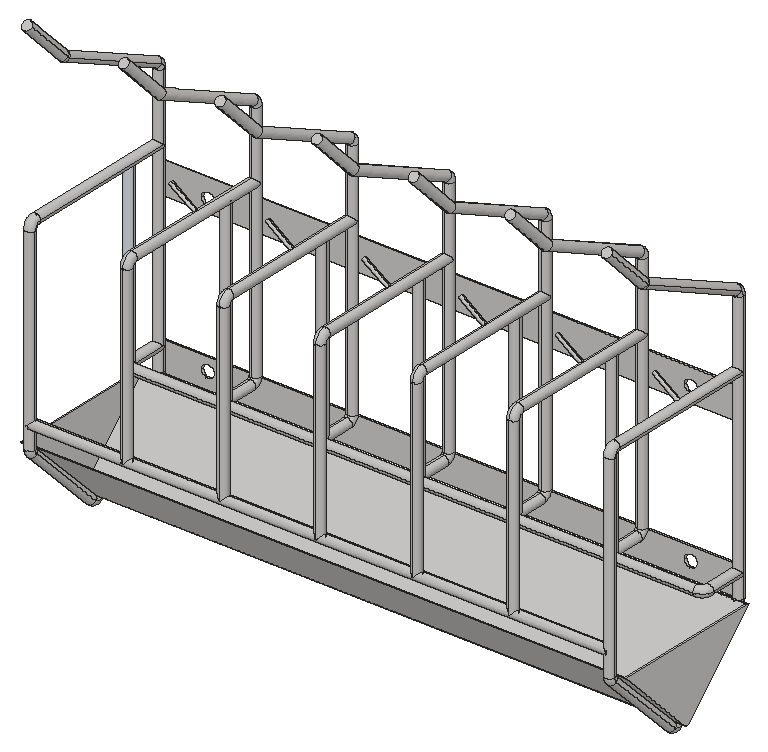
Revit family
Parameters (values of type "915 X 560 X 260")
  URL = "http://www.autospec.co.za/browse.php?id=1644179282"
  Radius Of Rod = 7.5 mm
  Product Code = "None"
  OmniClass Title = ""
  OmniClass Number = ""
  Modspec Classification = ""
  Specification = ""
  Location (revit room) = ""
  Number Of Pans = if(Count = 1, 2, if(Count = 3, 4, if(Count = 5, 6, 0)))  # 6
  Number Of Bottles = if(Count = 1, 3, if(Count = 3, 5, if(Count = 5, 7, 0)))  # 7
  Model = "Bedpan And Bottle Racks BBR6"
  Material = Stainless Steel Grade 304
  Manufacturer = "Kwikot"  # constant formula
  Length 1 = 900 mm
  Length = Length 1 + Radius Of Rod * 2  # 915 mm
  Height = 560 mm
  Rack_2V = Count > 1  # yes
  Rack_1V = Count = 1  # no
  Distance Between Racks = 150 mm
  Description = ""
  Depth = 260 mm
  Count = (Length - Distance Between Racks) / Distance Between Racks  # 5
  Colour = none
  Body Finish = none
  Assembly Code = "E1090300"
  Array Count = if(Count > 1, Count, 2)  # 5
Reference planes
  plane 1 "Center (Front/Back)": y = 0
  plane 2 "Bottom": z = 0
  plane 3 "Center (Left/Right)": x = 0
  plane 4: x = 157.5
  plane 5: z = 450
  plane 6 "Top": z = 720
  plane 7 "Front": y = -260
  plane 8: y = -130
  plane 9 "Right": x = 907.5
  plane 10: x = 7.5
  plane 11: x = 80
  plane 12: x = 830
  plane 13: y = -130
  plane 14: y = -63
  plane 15: z = 560
Forms (mm)
  Sweep 1, solid, material "Stainless Steel Grade 304" <- "Material"
    path origin (7.5, -1524, 1369.365) x (0, 0, 1) y (0, -1, 0)
      loop
        line (-649.365, -1264) -> (-720.441, -1332.449)
        arc (-720.441, -1332.449) -> (-721.59, -1333.769) -> (-722.492, -1335.268) r 10
        line (-722.492, -1335.268) -> (-809.365, -1513.384)
        arc (-809.365, -1513.384) -> (-813.054, -1517.48) -> (-818.353, -1519) r 10
        line (-818.353, -1519) -> (-1239.365, -1519)
        arc (-1239.365, -1519) -> (-1243.192, -1518.239) -> (-1246.436, -1516.071) r 10
        line (-1246.436, -1516.071) -> (-1361.436, -1401.071)
        arc (-1361.436, -1401.071) -> (-1364.365, -1394) -> (-1361.436, -1386.929) r 10
        line (-1361.436, -1386.929) -> (-1246.436, -1271.929)
        arc (-1246.436, -1271.929) -> (-1243.192, -1269.761) -> (-1239.365, -1269) r 10
        line (-1239.365, -1269) -> (-934.365, -1269)
        arc (-934.365, -1269) -> (-927.294, -1271.929) -> (-924.365, -1279) r 10
        line (-924.365, -1279) -> (-924.365, -1519)
    profile origin (7.5, -5, 340.506) x (1, 0, 0) y (0, 1, 0)
      loop
        circle (0, 0) r 7.5
  Sweep 2, solid, material "Stainless Steel Grade 304" <- "Material"
    path origin (0, 0, 0) x (1, 0, 0) y (0, 1, 0)
      loop
        line (-12.5, -130) -> (927.5, -130)
    profile origin (457.5, -130, 0) x (0, 1, 0) y (0, 0, 1)
      loop
        arc (-3.536, 13.885) -> (0, 12.421) -> (3.536, 13.885) r 5
        line (3.536, 13.885) -> (119.042, 129.392) -> (-119.042, 129.392) -> (-3.536, 13.885)
  Sweep 3, void
    path origin (0, 0, 0) x (1, 0, 0) y (0, 1, 0)
      loop
        line (-10.2, -130) -> (925.2, -130)
    profile origin (457.5, -130, 0) x (0, 1, 0) y (0, 0, 1)
      loop
        line (117.204, 129.392) -> (-117.204, 129.392) -> (-1.414, 13.602)
        arc (-1.414, 13.602) -> (0, 13.016) -> (1.414, 13.602) r 2
        line (1.414, 13.602) -> (117.204, 129.392)
  Extrusion 4, solid, material "Stainless Steel Grade 304" <- "Material"
    sketch origin (0, 0, 0) x (1, 0, 0) y (0, 0, 1)
      loop
        line (7.5, 420) -> (7.5, 370) -> (907.5, 370) -> (907.5, 420) -> (7.5, 420)
      loop
        line (7.5, 170) -> (7.5, 125) -> (907.5, 125) -> (907.5, 170) -> (7.5, 170)
      loop
        circle (80, 150) r 10
      loop
        circle (80, 390) r 10
      loop
        circle (830, 150) r 10
      loop
        circle (830, 393) r 10
    from 0 to -3
  Sweep 5, solid, material "Stainless Steel Grade 304" <- "Material"
    path origin (0, -260, 1012.14) x (0, 0, 1) y (-1, 0, 0)
      loop
        line (-847.14, -7.5) -> (-847.14, -907.5)
    profile origin (457.5, -260, 165) x (0, 0, 1) y (0, -1, 0)
      loop
        circle (0, -5.008) r 7.5
  Sweep 6, solid, material "Stainless Steel Grade 304" <- "Material"
    path origin (907.5, 731.65, 1200) x (0, 1, 0) y (0, 0, 1)
      loop
        line (-991.65, -480) -> (-923.201, -551.076)
        arc (-923.201, -551.076) -> (-921.881, -552.225) -> (-920.381, -553.127) r 10
        line (-920.381, -553.127) -> (-742.266, -640)
        arc (-742.266, -640) -> (-738.169, -643.689) -> (-736.65, -648.988) r 10
        line (-736.65, -648.988) -> (-736.65, -1070)
        arc (-736.65, -1070) -> (-737.411, -1073.827) -> (-739.579, -1077.071) r 10
        line (-739.579, -1077.071) -> (-854.579, -1192.071)
        arc (-854.579, -1192.071) -> (-861.65, -1195) -> (-868.721, -1192.071) r 10
        line (-868.721, -1192.071) -> (-983.721, -1077.071)
        arc (-983.721, -1077.071) -> (-985.888, -1073.827) -> (-986.65, -1070) r 10
        line (-986.65, -1070) -> (-986.65, -765)
        arc (-986.65, -765) -> (-983.721, -757.929) -> (-976.65, -755) r 10
        line (-976.65, -755) -> (-736.65, -755)
    profile origin (907.5, -5, 340.506) x (1, 0, 0) y (0, 1, 0)
      loop
        circle (0, 0) r 7.5
  Sweep 7, solid, material "Stainless Steel Grade 304" <- "Material"
    path origin (0, 0, 0) x (1, 0, 0) y (0, 1, 0)
      loop
        line (7.5, -5) -> (7.5, -63)
        arc (7.5, -63) -> (10.429, -70.071) -> (17.5, -73) r 10
        line (17.5, -73) -> (897.5, -73)
        arc (897.5, -73) -> (904.571, -70.071) -> (907.5, -63) r 10
        line (907.5, -63) -> (907.5, -5)
    profile origin (457.5, -73, 0) x (0, 1, 0) y (0, 0, 1)
      loop
        circle (0, 165) r 7.5
  Extrusion 8, solid
    sketch origin (-191.181, -1524, 450) x (-1, 0, 0) y (0, -1, 0)
      loop
        circle (-198.681, -1461) r 7.5
    from -5 to -285
  Sweep 9, solid, material "Stainless Steel Grade 304" <- "Material"
    path origin (-1.562, 0, -3.047) x (1, 0, 0) y (0, 0, 1)
      loop
        line (907.5, 450) -> (866.542, 478.679)
    profile origin (885.459, 0, 461.293) x (-0.573576, 0, -0.819152) y (0, -1, 0)
      loop
        circle (0, 115.307) r 3
Cuts and joins
  Sweep 3 cuts Sweep 1
  Sweep 3 cuts Sweep 2
  joined: Sweep 6, Sweep 9
Dimensions and locks
  Sweep 1 sketch curve to level = 5 mm
  plane 7 "Front" to Sweep 1 sketch curve = 5 mm
  Sweep 1 sketch curve to plane 1 "Center (Front/Back)" = 5 mm
  plane 1 "Center (Front/Back)" to Sweep 1 sketch curve = 5 mm
  plane 6 "Top" to plane 2 "Bottom" = 720 mm
  "Depth": plane 7 "Front" to plane 1 "Center (Front/Back)"
  "Distance Between Racks": plane 4 to plane 10
  "Length 1": plane 9 "Right" to plane 10
  Extrusion 4 sketch curve to plane 2 "Bottom" = 370 mm
  Extrusion 4 sketch curve to Extrusion 4 sketch curve = 50 mm
  Extrusion 4 sketch curve to plane 2 "Bottom" = 125 mm
  Extrusion 4 sketch curve to plane 2 "Bottom" = 150 mm
  plane 11 to plane 3 "Center (Left/Right)" = 80 mm
  Extrusion 4 sketch curve to Extrusion 4 sketch curve = 240 mm
  plane 12 to plane 9 "Right" = 77.5 mm
  Extrusion 4 sketch curve to Extrusion 4 sketch curve = 45 mm
  Sweep 5 sketch curve to plane 2 "Bottom" = 165 mm
  locked: Sweep 7 sketch curve to plane 2 "Bottom" at 165
  plane 1 "Center (Front/Back)" to plane 14 = 63 mm
  equal spacing: group 1, group 2, group 3, group 4, group 5  (x3)
  plane 15 to plane 5 = 110 mm
  "Height": plane 15 to plane 2 "Bottom"
  Sweep 6 sketch curve to plane 5 = 5 mm
  plane 7 "Front" to Sweep 6 sketch curve = 5 mm
  plane 9 "Right" to Sweep 2 sketch curve = 20 mm
  Sweep 2 sketch curve to plane 10 = 20 mm
  Sweep 3 sketch curve to cut or joined group of Sweep 2, Sweep 3 = 2.3 mm
  cut or joined group of Sweep 2, Sweep 3 to Sweep 3 sketch curve = 2.3 mm
  "Radius Of Rod": radius of Sweep 1 sketch curve
  "Radius Of Rod": radius of Sweep 5 sketch curve
  "Radius Of Rod": radius of Sweep 6 sketch curve
  "Radius Of Rod": radius of Sweep 7 sketch curve
  "Radius Of Rod": radius of Extrusion 8 sketch curve
  angle plane 5 to Sweep 1 sketch curve = 26.00°
  angle Sweep 6 sketch curve to plane 15 = 26.00°
  aligned and locked: plane 2 "Bottom" to level
  aligned and locked: Sweep 2 to Sweep 3 sketch curve
  aligned and locked: profile plane to Sweep 1 sketch curve  (x2)
  aligned and locked: Extrusion 4 sketch curve to plane 9 "Right"  (x2)
  aligned and locked: plane 10 to Extrusion 4 sketch curve  (x2)
  aligned and locked: plane 11 to Extrusion 4 sketch curve  (x2)
  aligned and locked: plane 12 to Extrusion 4 sketch curve  (x2)
  aligned and locked: plane 9 "Right" to Sweep 5 sketch curve
  aligned and locked: plane 10 to Sweep 5 sketch curve
  aligned and locked: profile plane to Sweep 6 sketch curve  (x2)
  aligned and locked: plane 10 to Sweep 7 sketch curve
  aligned and locked: plane 9 "Right" to Sweep 7 sketch curve
  aligned and locked: profile plane to Sweep 7 sketch curve
  aligned and locked: profile plane to Sweep 5 sketch curve
  aligned and locked: plane 10 to Extrusion 8 sketch curve
  aligned and locked: plane 14 to Extrusion 8 sketch curve
  aligned and locked: plane 3 "Center (Left/Right)" to nested 1
  aligned and locked: plane 1 "Center (Front/Back)" to nested 1
  aligned and locked: plane 3 "Center (Left/Right)" to nested 2
  aligned and locked: plane 1 "Center (Front/Back)" to nested 2
  aligned and locked: plane 15 to Sweep 1 sketch curve
  aligned and locked: plane 7 "Front" to Sweep 1 sketch curve
  aligned and locked: plane 6 "Top" to Sweep 1 sketch curve
  aligned and locked: plane 15 to Sweep 6 sketch curve
  aligned and locked: plane 6 "Top" to Sweep 6 sketch curve
  aligned and locked: plane 7 "Front" to Sweep 6 sketch curve
Automatic sketch dimensions
  Sweep 2 sketch curve to profile plane = 0 mm
  profile plane to Sweep 2 sketch curve = 3.536 mm
  profile plane to Sweep 2 sketch curve = 119.042 mm
  Sweep 2 sketch curve to profile plane = 3.536 mm
  Sweep 2 sketch curve to profile plane = 119.042 mm
  level to Sweep 2 sketch curve = 13.885 mm
  Sweep 2 sketch curve to Sweep 2 sketch curve = 3.536 mm
  level to Sweep 2 sketch curve = 129.392 mm
  Sweep 3 sketch curve to profile plane = 0 mm
  profile plane to Sweep 3 sketch curve = 1.414 mm
  profile plane to Sweep 3 sketch curve = 117.204 mm
  Sweep 3 sketch curve to profile plane = 1.414 mm
  Sweep 3 sketch curve to profile plane = 117.204 mm
  plane 2 "Bottom" to Sweep 3 sketch curve = 15.016 mm
  Sweep 3 sketch curve to Sweep 3 sketch curve = 1.414 mm
  Extrusion 4 sketch curve to Extrusion 4 sketch curve = 20 mm
  Extrusion 4 sketch curve to plane 5 = 57 mm
  Sweep 5 sketch curve to plane 7 "Front" = 5.008 mm
  plane 10 to Sweep 7 sketch curve = 10 mm
  Sweep 7 sketch curve to plane 9 "Right" = 10 mm
  plane 1 "Center (Front/Back)" to Sweep 7 sketch curve = 73 mm
  plane 1 "Center (Front/Back)" to Sweep 7 sketch curve = 5 mm  (x2)
  Sweep 1 sketch curve to plane 8 = 0 mm
  Sweep 1 sketch curve to plane 5 = 5 mm
  Sweep 1 sketch curve to Sweep 1 sketch curve = 10 mm
  Sweep 1 sketch curve to plane 7 "Front" = 15 mm
  level to Sweep 1 sketch curve = 130 mm  (x2)
  plane 1 "Center (Front/Back)" to Sweep 1 sketch curve = 15 mm
  Sweep 1 sketch curve to Sweep 1 sketch curve = 7.071 mm
  plane 1 "Center (Front/Back)" to Sweep 1 sketch curve = 7.929 mm
  level to Sweep 1 sketch curve = 15 mm
  plane 8 to Sweep 1 sketch curve = 7.071 mm
  Sweep 1 sketch curve to plane 8 = 7.071 mm
  Sweep 1 sketch curve to Sweep 1 sketch curve = 2.051 mm
  Sweep 1 sketch curve to Sweep 1 sketch curve = 8.988 mm
  Sweep 1 sketch curve to Sweep 1 sketch curve = 5.616 mm
  Sweep 1 sketch curve to Sweep 1 sketch curve = 4.384 mm
  plane 8 to Sweep 1 sketch curve = 58.732 mm
  Sweep 1 sketch curve to plane 15 = 8.988 mm
  Sweep 6 sketch curve to plane 13 = 0 mm
  Sweep 6 sketch curve to Sweep 6 sketch curve = 2.929 mm
  Sweep 6 sketch curve to Sweep 6 sketch curve = 10 mm
  Sweep 6 sketch curve to Sweep 6 sketch curve = 7.071 mm
  plane 13 to Sweep 6 sketch curve = 61.551 mm
  Sweep 6 sketch curve to Sweep 6 sketch curve = 2.819 mm
  Sweep 6 sketch curve to Sweep 6 sketch curve = 7.203 mm
  plane 13 to Sweep 6 sketch curve = 7.071 mm
  Sweep 6 sketch curve to plane 13 = 7.071 mm
  plane 1 "Center (Front/Back)" to Sweep 6 sketch curve = 15 mm  (x2)
  Sweep 6 sketch curve to Sweep 6 sketch curve = 4.384 mm
  plane 1 "Center (Front/Back)" to Sweep 6 sketch curve = 7.929 mm
  level to Sweep 6 sketch curve = 130 mm  (x2)
  level to Sweep 6 sketch curve = 15 mm
  level to Sweep 6 sketch curve = 7.929 mm
  Sweep 6 sketch curve to Sweep 6 sketch curve = 2.051 mm
  Sweep 6 sketch curve to plane 15 = 8.988 mm
  Sweep 9 sketch curve to plane 9 "Right" = 42.52 mm
  plane 5 to Sweep 9 sketch curve = 25.632 mm
  Sweep 9 sketch curve to profile plane = 0 mm
  plane 1 "Center (Front/Back)" to Sweep 9 sketch curve = 115.307 mm
  Sweep 9 sketch curve to plane 5 = 3.047 mm
  Sweep 9 sketch curve to plane 9 "Right" = 1.563 mm
  plane 1 "Center (Front/Back)" to Sweep 2 sketch curve = 130 mm
  plane 1 "Center (Front/Back)" to Sweep 3 sketch curve = 130 mm
  radius of Extrusion 4 sketch curve = 10 mm  (x4)
  radius of Sweep 9 sketch curve = 3 mm
Nested families
  nested 1: "Rack" at (0, 0, 0), visible <- "Rack_2V", Radius Of Rod <- "Radius Of Rod", type "Rack"
    with Radius Of Rod 7.5 mm
  nested 2: "Rack" at (0, 0, 0), visible <- "Rack_1V", Radius Of Rod <- "Radius Of Rod", type "Rack"
    with Radius Of Rod 7.5 mm
  nested 3: "Rack" at (150, 0, 0), visible <- "Rack_2V", Radius Of Rod <- "Radius Of Rod", type "Rack"
    with Radius Of Rod 7.5 mm
  nested 4: "Rack" at (300, 0, 0), visible <- "Rack_2V", Radius Of Rod <- "Radius Of Rod", type "Rack"
    with Radius Of Rod 7.5 mm
  nested 5: "Rack" at (450, 0, 0), visible <- "Rack_2V", Radius Of Rod <- "Radius Of Rod", type "Rack"
    with Radius Of Rod 7.5 mm
  nested 6: "Rack" at (600, 0, 0), visible <- "Rack_2V", Radius Of Rod <- "Radius Of Rod", type "Rack"
    with Radius Of Rod 7.5 mm
Definition of nested family "Rack"
  Parameters (values of type "Rack")
    URL = ""
    Radius Of Rod [instance] = 7.5 mm
    Material = Stainless Steel Grade 304
    Manufacturer = ""
    Height = 560 mm
    Description = ""
    Depth = 260 mm
  Reference planes
    plane 1 "Center (Front/Back)": y = 0
    plane 2: z = 0
    plane 3 "Center (Left/Right)": x = 0
    plane 4: x = 157.5
    plane 5: z = 450
    plane 6: z = 720
    plane 7: y = -260
    plane 8: x = 7.5
    plane 9: y = -63
    plane 10: z = 560
  Forms (mm)
    Sweep 1, solid, material "Stainless Steel Grade 304" <- "Material"
      path origin (157.5, 731.65, 1200) x (0, 1, 0) y (0, 0, 1)
        loop
          line (-804.65, -1035) -> (-746.65, -1035)
          arc (-746.65, -1035) -> (-739.579, -1032.071) -> (-736.65, -1025) r 10
          line (-736.65, -1025) -> (-736.65, -648.988)
          arc (-736.65, -648.988) -> (-738.169, -643.689) -> (-742.266, -640) r 10
          line (-742.266, -640) -> (-922.024, -552.326) -> (-991.65, -480)
      profile origin (157.5, -5, 363.006) x (0, -1, 0) y (1, 0, 0)
        loop
          circle (0, 0) r 7.5
    Sweep 2, solid, material "Stainless Steel Grade 304" <- "Material"
      path origin (157.5, 731.65, 1200) x (0, 1, 0) y (0, 0, 1)
        loop
          line (-991.65, -1035) -> (-991.65, -765)
          arc (-991.65, -765) -> (-987.256, -754.393) -> (-976.65, -750) r 15
          line (-976.65, -750) -> (-736.65, -750)
      profile origin (157.5, -260, 300) x (0, -1, 0) y (1, 0, 0)
        loop
          circle (-5, 0) r 7.5
    Extrusion 3, solid, material "Stainless Steel Grade 304" <- "Material"
      sketch origin (-41.181, -1524, 450) x (-1, 0, 0) y (0, -1, 0)
        loop
          circle (-198.681, -1461) r 7.5
      from -5 to -285
    Sweep 4, solid, material "Stainless Steel Grade 304" <- "Material"
      path origin (0, 0, 0) x (1, 0, 0) y (0, 0, 1)
        loop
          line (157.5, 450) -> (116.542, 478.679)
      profile origin (137.021, 0, 464.339) x (-0.573576, 0, -0.819152) y (0, -1, 0)
        loop
          circle (3.75, 115.296) r 3
  Dimensions and locks
    plane 6 to plane 2 = 720 mm
    "Depth": plane 7 to plane 1 "Center (Front/Back)"
    plane 4 to plane 8 = 150 mm
    Sweep 1 sketch curve to plane 2 = 165 mm
    locked: Sweep 1 sketch curve to plane 1 "Center (Front/Back)" at 5
    Sweep 1 sketch curve to plane 1 "Center (Front/Back)" = 73 mm
    plane 7 to Sweep 2 sketch curve = 5 mm
    "Height": plane 10 to plane 2
    plane 10 to plane 5 = 110 mm
    "Radius Of Rod": radius of Sweep 2 sketch curve
    "Radius Of Rod": radius of Extrusion 3 sketch curve
    "Radius Of Rod": radius of Sweep 1 sketch curve
    angle Sweep 1 sketch curve to plane 5 = 26.00°
    aligned and locked: level to plane 2
    aligned and locked: plane 4 to Sweep 1 sketch curve
    aligned and locked: profile plane to Sweep 1 sketch curve
    aligned and locked: plane 7 to Sweep 2 sketch curve
    aligned and locked: plane 5 to Sweep 2 sketch curve
    aligned and locked: plane 4 to Sweep 2 sketch curve
    aligned and locked: plane 9 to Extrusion 3 sketch curve
    aligned and locked: plane 5 to Sweep 4 sketch curve
    aligned and locked: plane 4 to Sweep 4 sketch curve
    aligned and locked: plane 10 to Sweep 1 sketch curve
    aligned and locked: plane 6 to Sweep 1 sketch curve
    aligned and locked: plane 7 to Sweep 1 sketch curve
  Automatic sketch dimensions
    Sweep 2 sketch curve to plane 5 = 15 mm
    level to Sweep 2 sketch curve = 165 mm
    Extrusion 3 sketch curve to plane 4 = 0 mm
    plane 1 "Center (Front/Back)" to Sweep 2 sketch curve = 5 mm
    Sweep 4 sketch curve to profile plane = 3.75 mm
    plane 1 "Center (Front/Back)" to Sweep 4 sketch curve = 115.296 mm
    Sweep 4 sketch curve to plane 4 = 40.958 mm
    plane 5 to Sweep 4 sketch curve = 28.679 mm
    Sweep 1 sketch curve to plane 7 = 69.625 mm
    Sweep 1 sketch curve to Sweep 1 sketch curve = 10 mm  (x2)
    Sweep 1 sketch curve to plane 10 = 8.988 mm
    radius of Sweep 4 sketch curve = 3 mm
